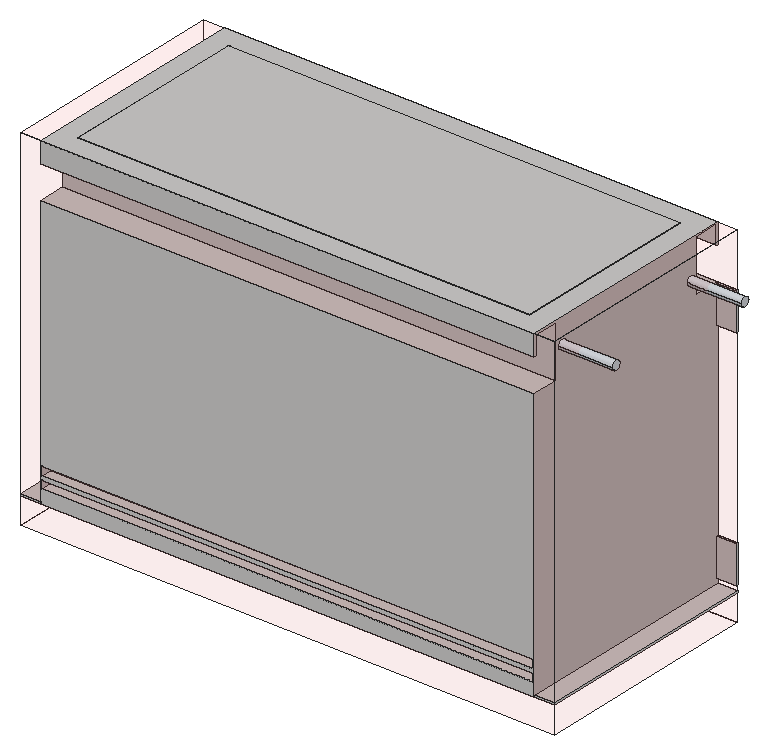
Revit family "Air-Curtain_Climate-Control_PoweredAire_ECE-ST", category Mechanical Equipment, host Face, Revit 2020
Family settings
  Host = Face
  Round Connector Dimension = Use Diameter
  Part Type = Normal
  OmniClass Number = 23.75.35.17.21
  OmniClass Title = Air Curtains
  Cut with Voids When Loaded = No
  Shared = No
  Room Calculation Point = No
Parameters
  upperrotation [instance] = if(Upper Pipe Connection Side A, 0.00°, 180.00°)  # 0.00°
  lowerrotation [instance] = if(Lower Pipe Connection Side A, 0.00°, 180.00°)  # 0.00°
  locateupperpipe [instance] = if(Upper Pipe Connection Side A, 0' 0", Nozzle Width)  # 0' - 0"
  locatelowerpipe [instance] = if(Lower Pipe Connection Side A, 0' 0", Nozzle Width)  # 0' - 0"
  Warranty Duration (Years) = 0
  Upper Pipe Connection Side A [instance] = yes
  Unit Width Notes = "Other Widths available."  # constant formula
  Unit Width = 3' - 3"
  Unit Weight = 0
  Unit Height = 1' - 4 3/4"
  Unit Depth [instance] = if(Include Filters, 2' 1 7/8", 1' 11 3/4")  # 1' - 11 3/4"
  URL = "http://www.poweredaire.com/"
  Test Data = ""
  Temperature Rise_Range = "as Specified"
  Standards Conformance = "as Specified"
  Specification = "http://www.arcat.com/sdspecs/htm04/23_34_33pai.htm"
  SpecWizard = ""
  Sound Pressure = "as Specified"
  Sales Information = "http://www.poweredaire.com/contact_us"
  Revision = "R1_2016-08"
  Projection from Host [instance] = 0' - 2"
  Product Properties = ""
  Product Data = "http://www.arcat.com/arcatcos/cos47/arc47623.html"
  Power Rating = 0 W
  Piping_Water Flow [instance] = 0 GPM
  Piping_Operating Pressure [instance] = 0.00 psi
  Piping_Exit Temperature [instance] = 0 °F
  Piping_Entry Temperature [instance] = 0 °F
  Pipe OD [instance] = 5/8"
  Outlet Volume_Range = "as Specified"
  Outlet Velocity_Range = "as Specified"
  Nozzle Width = if(1 = 1, Unit Width - 0' 3", 0' 0")  # 3' - 0"
  Mounting Width = if(1 = 1, Unit Width - 0' 1 1/2", 0' 0")  # 3' - 1 1/2"
  Mounting Height [instance] = 3' - 6"
  Motor RPM = 0
  Motor HP = 0
  Motor Count = 0
  Model = "As Specified"
  Max Height = 0' - 0"
  Manufacturer Website = "http://www.poweredaire.com/"
  Manufacturer Phone - Toll Free = "888-321-2473"
  Manufacturer Phone = "724-588-3305"
  Manufacturer Fax = "724-588-3371"
  Manufacturer Address = "109 Mortensen Rd.  Greenville, PA 16125"
  Manufacturer = "Powered Aire, Inc"
  Maintenance Schedule (Months) = 0
  Lower Pipe Connection Side A [instance] = yes
  Keynote = "23 34 33"
  Installation-Fabrication = ""
  Installation Phase = ""
  Include Filters [instance] = no
  Include Clearance [instance] = yes
  Heating Element Load = 0 W
  HVAC_Temperature Rise [instance] = 0 °F
  HVAC_Outlet Volume [instance] = 0 CFM
  HVAC_Outlet Velocity Uniformity = 0
  HVAC_Outlet Velocity [instance] = 0 FPM
  HVAC_BTU Input = 0.0 Btu/h
  Green Building-LEED = "http://www.arcat.com/green/clients/leed_data_47623.html"
  Front Grating Material [instance] = Metal - Steel - PoweredAire - Stainless 304 Perforated
  Frame Finish [instance] = Metal - Steel - PoweredAire - Stainless 304
  Expected Lifespan (Years) = 0
  Electrical_Wattage [instance] = Power Rating + Heating Element Load  # 0 W
  Electrical_Voltage [instance] = 0 V
  Electrical_Phase [instance] = 1
  Electrical_Frequency [instance] = 0 Hz
  Electrical_Amperage [instance] = 0 A
  Drawn By = "Sumex Design, Inc. / Robert S. Weygant, CSI, CDT, SCIP"
  Description = "Powered Aire Air Curtain as Specified"
  Default Elevation = 0' - 0"  # constant formula
  Copyright = "©Arcat Inc."
  Construction Details = "http://www.arcat.com/details/powair/prod3336.html"
  Clearance_Top [instance] = 0' - 0"
  Clearance_Side B [instance] = 0' - 0"
  Clearance_Side A [instance] = 0' - 0"
  Clearance_Intake [instance] = 0' - 0"
  Clearance_Bottom [instance] = 0' - 0"
  Clearance Material [instance] = ARCAT Clearance
  Building Codes = ""
  Available Options [instance] = "as Specified"
  Assembly Code = "D3090400"
Reference planes (in)
  plane 1 "Center (Elevation)": y = 0.13818
  plane 2: z = 0
  plane 3 "Center (Left/Right)": x = 0
  plane 4: y = 8.51318
  plane 5: y = -8.23682
  plane 6: x = -19.5
  plane 7: x = 19.5
  plane 8: z = 25.75
  plane 9 "FF": y = -41.86182
  plane 10: z = 2
  plane 11: x = 18
  plane 12: x = -18
  plane 13: y = 8.51318
  plane 14: y = -8.23682
  plane 15: x = -19.5
  plane 16: x = 19.5
  plane 17: z = 25.75
  plane 18: x = 17.9375
  plane 19: x = -17.9375
  plane 20: x = 18
  plane 21: x = 18
  plane 22: y = 6.01318
  plane 23: y = -5.73682
Forms (in)
  Extrusion 1, solid, material "Metal - Steel - PoweredAire - Stainless 304" <- "Frame Finish"
    sketch origin (0, 0, 0) x (0, 1, 0) y (0, 0, 1)
      loop
        line (-8.23682, 2) -> (8.51318, 2) -> (8.51318, 21.8125) -> (6.51318, 21.8125) -> (6.51318, 25.625) -> (8.38818, 25.625) -> (8.38818, 24.25) -> (8.51318, 24.25) -> (8.51318, 25.75) -> (-8.23682, 25.75) -> (-8.23682, 24.25) -> (-8.11182, 24.25) -> (-8.11182, 25.625) -> (-6.23682, 25.625) -> (-6.23682, 21.8125) -> (-8.23682, 21.8125) -> (-8.23682, 2)
    from -18 to 18
  Extrusion 2, solid, material "ARCAT Clearance" <- "Clearance Material", visible <- "Include Clearance"
    sketch origin (0, 0, 0) x (0, 1, 0) y (0, 0, 1)
      loop
        line (-8.23682, 25.75) -> (-8.23682, 0) -> (8.51318, 0) -> (8.51318, 25.75) -> (-8.23682, 25.75)
    from -19.5 to 19.5
  Extrusion 3, solid, material "Metal - Steel - PoweredAire - Stainless 304" <- "Frame Finish"
    sketch origin (-15.17702, -180, 2) x (-1, 0, 0) y (0, -1, 0)
      loop
        line (-33.17702, -188.51318) -> (-33.17702, -171.76318) -> (-34.67702, -171.76318) -> (-34.67702, -188.51318) -> (-33.17702, -188.51318)
      loop
        line (2.82298, -188.51318) -> (4.32298, -188.51318) -> (4.32298, -171.76318) -> (2.82298, -171.76318) -> (2.82298, -188.51318)
    from 0 to 0.125
  Extrusion 4, solid, material "Metal - Steel - PoweredAire - Stainless 304" <- "Frame Finish"
    sketch origin (-11.83813, 8.51318, 48) x (-1, 0, 0) y (0, 0, 1)
      loop
        line (-29.83813, -45.5) -> (-29.83813, -42.75) -> (-31.33813, -42.75) -> (-31.33813, -45.5) -> (-29.83813, -45.5)
      loop
        line (-29.83813, -28.9375) -> (-29.83813, -26.1875) -> (-31.33813, -26.1875) -> (-31.33813, -28.9375) -> (-29.83813, -28.9375)
      loop
        line (6.16187, -45.5) -> (7.66187, -45.5) -> (7.66187, -42.75) -> (6.16187, -42.75) -> (6.16187, -45.5)
      loop
        line (6.16187, -28.9375) -> (7.66187, -28.9375) -> (7.66187, -26.1875) -> (6.16187, -26.1875) -> (6.16187, -28.9375)
    from 0 to -0.125
  Extrusion 5, void
    sketch origin (0, 0, 0) x (0, 1, 0) y (0, 0, 1)
      loop
        line (-8.23682, 3) -> (-7.23682, 3) -> (-7.23682, 4.5) -> (-8.23682, 4.5) -> (-8.23682, 3.82425) -> (-7.38364, 3.82425) -> (-7.38364, 3.57425) -> (-8.23682, 3.57425) -> (-8.23682, 3)
    from -17.9375 to 17.9375
  Extrusion 6, solid, material "Metal - Steel - PoweredAire - Stainless 304 Perforated" <- "Front Grating Material"
    sketch origin (0, -8.23682, 25.75) x (0, 1, 0) y (-1, 0, 0)
      loop
        line (15.25, 16.5) -> (1.5, 16.5) -> (1.5, -16.5) -> (15.25, -16.5) -> (15.25, 16.5)
    from 0 to 0.03125
  Sweep 7, solid
    path origin (18, 6.01318, 0) x (1, 0, 0) y (0, 1, 0)
      loop
        line (0, 0) -> (4, 0)
    profile origin (20, 6.01318, 0) x (0, 1, 0) y (0, 0, 1)
      loop
        circle (0, 23) r 0.3125
  Sweep 8, solid
    path origin (18, -5.73682, 0) x (1, 0, 0) y (0, 1, 0)
      loop
        line (0, 0) -> (4, 0)
    profile origin (20, -5.73682, 0) x (0, 1, 0) y (0, 0, 1)
      loop
        circle (0, 24) r 0.3125
Cuts and joins
  Extrusion 5 cuts Extrusion 1
Lines and regions (in)
  reference lines
    curve 1: line (18, 6.01318, 0) -> (22.75, 6.01318, 0)
    curve 2: line (18, -5.73682, 0) -> (23.75, -5.73682, 0)
Dimensions and locks (in)
  equal spacing: plane 4, plane 1 "Center (Elevation)", plane 5
  "Unit Height": plane 4 to plane 5
  equal spacing: plane 6, plane 3 "Center (Left/Right)", plane 7
  "Unit Width": plane 6 to plane 7
  "Mounting Height": plane 1 "Center (Elevation)" to plane 9 "FF"
  "Projection from Host": plane 10 to level
  "Unit Depth": plane 8 to plane 10
  locked: plane 6 to plane 12 at 1.5
  locked: plane 11 to plane 7 at 1.5
  "Clearance_Side A": plane 7 to plane 16
  "Clearance_Side B": plane 15 to plane 6
  "Clearance_Top": plane 13 to plane 4
  "Clearance_Bottom": plane 5 to plane 14
  "Clearance_Intake": plane 17 to plane 8
  plane 5 to Extrusion 1 sketch curve to Extrusion 1 sketch curve = 0' - 0 1/8" locked, 0' - 1 7/8" locked
  Extrusion 1 sketch curve to Extrusion 1 sketch curve to plane 4 = 0' - 1 7/8" locked, 0' - 0 1/8" locked
  Extrusion 4 sketch curve to Extrusion 4 sketch curve to Extrusion 4 sketch curve to Extrusion 4 sketch curve to plane 10 = 0' - 2 3/4" locked, 1' - 1 13/16" locked, 0' - 2 3/4" locked, 0' - 0 1/2" locked
  Extrusion 4 sketch curve to Extrusion 4 sketch curve to Extrusion 4 sketch curve to Extrusion 4 sketch curve = 0' - 2 3/4" locked, 1' - 1 13/16" locked, 0' - 2 3/4" locked
  locked: Extrusion 4 sketch curve to plane 10 at 0.5
  plane 8 to Extrusion 1 sketch curve to Extrusion 1 sketch curve = 0' - 0 1/8" locked, 0' - 1 3/8" locked  (x2)
  locked: Extrusion 1 sketch curve to plane 10 at 19.8125  (x2)
  Extrusion 5 sketch curve to Extrusion 5 sketch curve to Extrusion 5 sketch curve to Extrusion 5 sketch curve to plane 10 = 0' - 0.67575" locked, 0' - 0 1/4" locked, 0' - 0.57425" locked, 0' - 1" locked
  plane 5 to Extrusion 5 sketch curve to Extrusion 5 sketch curve = 0' - 0.85319" locked, 0' - 0.14681" locked
  locked: plane 19 to plane 12 at 0.0625
  locked: plane 11 to plane 18 at 0.0625
  locked: plane 4 to Extrusion 6 sketch curve at 1.5
  locked: Extrusion 6 sketch curve to plane 5 at 1.5
  locked: Extrusion 6 sketch curve to plane 11 at 1.5
  locked: plane 12 to Extrusion 6 sketch curve at 1.5
  "locateupperpipe": plane 20 to plane 11
  "locatelowerpipe": plane 21 to plane 11
  locked: plane 4 to plane 22 at 2.5
  locked: plane 23 to plane 5 at 2.5
  locked: curve 1 to Sweep 7 sketch curve at 4
  locked: curve 1 to Sweep 7 sketch curve
  locked: Sweep 7 sketch curve to plane 10 at 21
  locked: curve 2 to Sweep 8 sketch curve at 4
  locked: curve 2 to Sweep 8 sketch curve
  locked: Sweep 8 sketch curve to plane 10 at 22
  "upperrotation": angle plane 22 to curve 1
  "lowerrotation": angle plane 23 to curve 2
  aligned and locked: plane 2 to host face
  aligned and locked: level to host face
  aligned and locked: Extrusion 2 sketch curve to plane 17
  aligned and locked: plane 14 to Extrusion 2 sketch curve
  aligned and locked: level to Extrusion 2 sketch curve
  aligned and locked: Extrusion 2 sketch curve to plane 13
  aligned and locked: plane 16 to Extrusion 2
  aligned and locked: Extrusion 2 to plane 15
  aligned and locked: plane 11 to Extrusion 1
  aligned and locked: Extrusion 1 to plane 12
  aligned and locked: plane 21 to curve 2
  aligned and locked: plane 23 to curve 2
  aligned and locked: plane 22 to curve 1
  aligned and locked: plane 20 to curve 1
Automatic sketch dimensions
  host sketch curve to host sketch curve = 8' - 0"  (x2)
  Extrusion 1 sketch curve to plane 5 = 0' - 0"  (x2)
  Extrusion 1 sketch curve to plane 4 = 0' - 0"  (x2)
  Extrusion 1 sketch curve to plane 10 = 0' - 0"
  Extrusion 1 sketch curve to plane 8 = 0' - 0"
  plane 4 to Extrusion 3 sketch curve = 0' - 0"
  Extrusion 3 sketch curve to plane 7 = 0' - 0"
  plane 5 to Extrusion 3 sketch curve = 0' - 0"
  Extrusion 3 sketch curve to plane 11 = 0' - 0"
  Extrusion 3 sketch curve to plane 4 = 0' - 0"
  Extrusion 3 sketch curve to plane 12 = 0' - 0"
  Extrusion 3 sketch curve to plane 6 = 0' - 0"
  Extrusion 3 sketch curve to plane 5 = 0' - 0"
  Extrusion 4 sketch curve to plane 7 = 0' - 0"  (x2)
  Extrusion 4 sketch curve to plane 11 = 0' - 0"  (x2)
  Extrusion 4 sketch curve to plane 12 = 0' - 0"  (x2)
  Extrusion 4 sketch curve to plane 6 = 0' - 0"  (x2)
  Extrusion 5 sketch curve to plane 5 = 0' - 0"  (x2)
  Sweep 7 sketch curve to profile plane = 0' - 0"
  Sweep 8 sketch curve to profile plane = 0' - 0"
  radius of Sweep 7 sketch curve = 0' - 0 5/16"
  radius of Sweep 8 sketch curve = 0' - 0 5/16"
Connectors (in)
  piping at (22, 6.01318, 23), diameter 0.625, driven by "Pipe OD", driven by "Piping_Water Flow"
    settings: on Sweep 7, index 1, connector inside diameter 24", connector length 0' - 0", flow factor 0, pipe flow 0 GPM, pressure drop 0.00 psi, fitting loss kfactor 0, connector angle 0.00°, fixture units 0, engagement length 0' - 0", angle of deflection 0.00°, flow configuration 0, flow direction 0, fitting loss method 0, system type 29, joint type 0, gender type 0, connector reference index -1, connector utility 0, adjustable connector no, is connector primary yes, connector description "Define Supply or Return and Location"
  piping at (22, -5.73682, 24), diameter 0.625, driven by "Pipe OD", driven by "Piping_Water Flow"
    settings: on Sweep 8, index 2, connector inside diameter 24", connector length 0' - 0", flow factor 0, pipe flow 0 GPM, pressure drop 0.00 psi, fitting loss kfactor 0, connector angle 0.00°, fixture units 0, engagement length 0' - 0", angle of deflection 0.00°, flow configuration 0, flow direction 0, fitting loss method 0, system type 29, joint type 0, gender type 0, connector reference index -1, connector utility 0, adjustable connector no, is connector primary no, connector description "Define Supply or Return and Location"
  electrical at (-18, 0.13818, 21.39062), driven by "Electrical_Voltage", driven by "Electrical_Phase"
    settings: on cut or joined group of Extrusion 1, Extrusion 5, index 3, voltage 0 V, apparent load 0 VA, apparent load phase1 0 VA, apparent load phase2 0 VA, apparent load phase3 0 VA, power factor 1, load classification "Motor", number of poles 1, system type 31, power factor state 1, is connector primary yes, connector utility no, sub classification motor no, connector description ""
